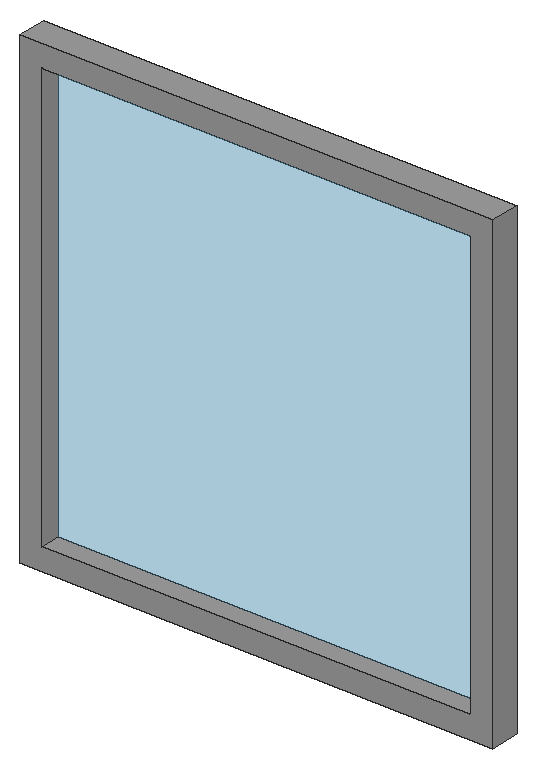
Revit family "ZS-30P OP001-WW_v02", category Curtain Panels, Revit 2015
Parameters
  Width [instance] = 4' - 0"
  URL = "obe.com"
  Type Comments = ""
  Model = "30P OP0001"
  Manufacturer = "Oldcastle BuildingEnvelope®"
  Keynote = "08 51 00"
  Height [instance] = 4' - 0"
  Glass Material = Glass
  Frame Material = Aluminum
  Offset [instance] = 0' - 6"
  Description = "ZERO SIGHTLINE 30P"
  Assembly Code = "B2020"
  Analytic Construction = "<None>"
Reference planes (in)
  plane 1 "Front": y = 0
  plane 2: z = 0
  plane 3 "Center (Left/Right)": x = 0
  plane 4 "Left": x = -24
  plane 5 "Right": x = 24
  plane 6 "Top": z = 48
Text (in)
  text "Exterior" at (-54.29358, 31.38743, 0), in view "Ref. Level"
  text "Exterior" at (480, 41.53993, 89.60405), in view "Right"
  text "Exterior" at (-240, 57.82419, 105.78864), in view "Left"
  text "Min Size\n\n14\" width x 14\" height\n\n\n\nMax Size\n\n72\" x 72\"\n\n\n\nMax Area\n\n24 square feet" at (69.75509, 31.38743, 0), in view "Ref. Level"
Dimensions and locks (in)
  equal spacing: plane 4 "Left", plane 3 "Center (Left/Right)", plane 5 "Right"
  "Width": plane 4 "Left" to plane 5 "Right"
  "Height": plane 6 "Top" to plane 2
  aligned and locked: level to plane 2
  aligned and locked: plane 3 "Center (Left/Right)" to nested 1
  aligned and locked: plane 1 "Front" to nested 1
Nested families (in)
  nested 1: "ZS-30P OP001-Panel" at (0, 6, 0), Height <- "Height", Width <- "Width", Offset <- "Offset", Frame Material <- "Frame Material", Glass Material <- "Glass Material", type "ZS-30P-OP001-Panel"
    with built-in parameter 1001301 4' - 0", Offset 0' - 6", built-in parameter 1001300 4' - 0", Glass Material Glass, Frame Material Aluminum
Definition of nested family "ZS-30P OP001-Panel"
  Parameters (values of type "ZS-30P-OP001-Panel")
    Width [instance] = 2' - 0"
    Offset [instance] = 0' - 0"
    Height [instance] = 4' - 0"
    Glass Material [instance] = none
    Frame Material [instance] = none
    Analytic Construction = "<None>"
  Reference planes (in)
    plane 1 "Offset": y = -6
    plane 2: z = 0
    plane 3 "Center (Left/Right)": x = 0
    plane 4: x = 12
    plane 5: x = -12
    plane 6 "Center (Front/Back)": y = -6
    plane 7: z = 48
    plane 8: z = 0.99753
    plane 9: z = 47.00247
    plane 10: x = 10.99768
    plane 11: x = -10.99768
  Forms (in)
    Extrusion 1, solid, material <- "Glass Material", detail levels coarse
      sketch origin (0, 0, 0) x (1, 0, 0) y (0, 1, 0)
        loop
          line (-10.99768, -6) -> (-10.99768, -7) -> (10.99768, -7) -> (10.99768, -6) -> (-10.99768, -6)
      from 0.99753 to 47.00247
    Extrusion 2, solid, material <- "Glass Material", detail levels medium+fine
      sketch origin (0, 0, 0) x (1, 0, 0) y (0, 1, 0)
        loop
          line (-10.99768, -7) -> (10.99768, -7) -> (10.99768, -6.7627) -> (-10.99768, -6.7627) -> (-10.99768, -7)
        loop
          line (10.99768, -6) -> (-10.99768, -6) -> (-10.99768, -6.25) -> (10.99768, -6.25) -> (10.99768, -6)
      from 0.99753 to 47.00247
    Sweep 3, solid, material <- "Frame Material"
      path origin (0, -6, 0) x (1, 0, 0) y (0, 0, 1)
        loop
          line (10.99768, 47.00247) -> (-10.99768, 47.00247) -> (-10.99768, 0.99753) -> (10.99768, 0.99753) -> (10.99768, 47.00247)
      profile origin (0, -6, 47.00247) x (0, 0, -1) y (0, -1, 0)
        loop
          line (0, 0) -> (0, 1) -> (1.25199, 1) -> (1.25199, 2.99976) -> (-0.99753, 2.99976) -> (-0.99753, 0) -> (0, 0)
  Lines and regions (in)
    model lines
      curve 1: line (0, -6, 46) -> (9.75049, -6, 2.24951)
      curve 2: line (0, -6, 46) -> (-9.74569, -6, 2.24951)
  Dimensions and locks (in)
    equal spacing: plane 5, plane 3 "Center (Left/Right)", plane 4
    "Height": plane 7 to plane 2
    "Width": plane 5 to plane 4
    locked: plane 5 to plane 11 at 1.00232
    locked: plane 10 to plane 4 at 1.00232
    locked: plane 7 to plane 9 at 0.99753
    locked: plane 2 to plane 8 at 0.99753
    Extrusion 2 sketch curve to Extrusion 2 sketch curve to Extrusion 2 sketch curve to Extrusion 2 sketch curve to plane 1 "Offset" = 0' - 0.2373" locked, 0' - 0.5127" locked, 0' - 0 1/4" locked, 0' - 0" locked
    Extrusion 1 sketch curve to Extrusion 1 sketch curve to plane 1 "Offset" = 0' - 1" locked, 0' - 0" locked
    equal spacing: plane 4, plane 3 "Center (Left/Right)", plane 5
    "Offset": plane 1 "Offset" to plane 6 "Center (Front/Back)"
    aligned and locked: plane 2 to level
    aligned and locked: plane 10 to Extrusion 2  (x4)
    aligned and locked: plane 10 to Extrusion 1  (x2)
    aligned and locked: plane 11 to Extrusion 2  (x4)
    aligned and locked: plane 11 to Extrusion 1  (x2)
    aligned and locked: plane 8 to Extrusion 2
    aligned and locked: plane 8 to Extrusion 1
    aligned and locked: Extrusion 1 to plane 9
    aligned and locked: Extrusion 2 to plane 9
    aligned and locked: Sweep 3 sketch curve to plane 11
    aligned and locked: Sweep 3 sketch curve to plane 8
    aligned and locked: Sweep 3 sketch curve to plane 10
    aligned and locked: plane 9 to Sweep 3 sketch curve
  Automatic sketch dimensions
    curve 2 to plane 3 "Center (Left/Right)" = 0' - 0"
    plane 9 to curve 2 = 0' - 1.00247"
    curve 2 to plane 11 = 0' - 1.25199"
    curve 1 to plane 10 = 0' - 1.2472"
    curve 2 to plane 8 = 0' - 1.25199"
    curve 1 to plane 8 = 0' - 1.25199"
    Extrusion 1 sketch curve to plane 11 = 0' - 0"
    Extrusion 1 sketch curve to plane 10 = 0' - 0"
    Extrusion 2 sketch curve to plane 11 = 0' - 0"  (x2)
    Extrusion 2 sketch curve to plane 10 = 0' - 0"  (x2)
    Sweep 3 sketch curve to plane 1 "Offset" = 0' - 0"
    profile plane to Sweep 3 sketch curve = 0' - 0.99753"
    Sweep 3 sketch curve to profile plane = 0' - 0"
    plane 1 "Offset" to Sweep 3 sketch curve = 0' - 2.99976"
    Sweep 3 sketch curve to profile plane = 0' - 1.25199"
    plane 1 "Offset" to Sweep 3 sketch curve = 0' - 1"
